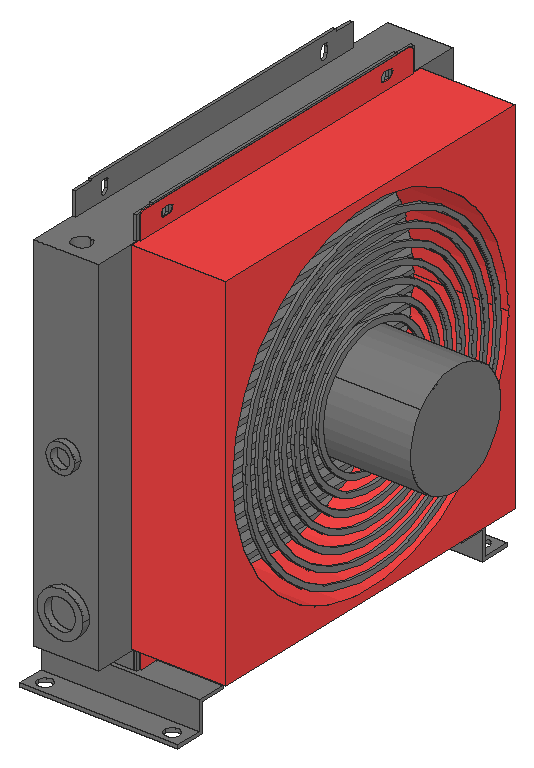
Revit family "MIT-A16Y-02", category Specialty Equipment, Revit 2022
Family settings
  Round Connector Dimension = Use Radius
  Part Type = Normal
  Work Plane-Based = No
  Always vertical = Yes
  Cut with Voids When Loaded = No
  Maintain Annotation Orientation = No
  Shared = No
  Room Calculation Point = No
Parameters
  URL = "https://en.ekinendustriyel.com/fan-driven-oil-coolers"
  Model = "MIT-A16Y-02"
  Manufacturer = "Ekin Endüstriyel"
  Keynote = "Fan Driven Oil Coolers"
  Description = "MIT- Fan Driven Oil Coolers"
  Default Elevation = 0 mm
Reference planes
  plane 1 "Center (Front/Back)": y = 0
  plane 2: z = 0
  plane 3 "Center (Left/Right)": x = 0
Forms (mm)
  Extrusion 1, solid, material "Ekin Endustriyel-S235JR", detail levels medium+fine
    sketch origin (0, -0.99, 0) x (0, 1, 0) y (0, 0, 1)
      loop
        line (218.508, 409.646) -> (-216.492, 409.646) -> (-216.492, 52.19) -> (218.508, 52.19) -> (218.508, 409.646)
      loop
        line (-176.51, 391.746) -> (-176.51, 382.346) -> (178.49, 382.346) -> (178.49, 391.746) -> (-176.51, 391.746)
      loop
        line (-176.51, 381.846) -> (-176.51, 372.446) -> (178.49, 372.446) -> (178.49, 381.846) -> (-176.51, 381.846)
      loop
        line (-176.51, 368.246) -> (-176.51, 358.846) -> (178.49, 358.846) -> (178.49, 368.246) -> (-176.51, 368.246)
      loop
        line (-176.51, 354.646) -> (-176.51, 345.246) -> (178.49, 345.246) -> (178.49, 354.646) -> (-176.51, 354.646)
      loop
        line (-176.51, 341.046) -> (-176.51, 331.646) -> (178.49, 331.646) -> (178.49, 341.046) -> (-176.51, 341.046)
      loop
        line (-176.51, 327.446) -> (-176.51, 318.046) -> (178.49, 318.046) -> (178.49, 327.446) -> (-176.51, 327.446)
      loop
        line (-176.51, 313.846) -> (-176.51, 304.446) -> (178.49, 304.446) -> (178.49, 313.846) -> (-176.51, 313.846)
      loop
        line (-176.51, 300.246) -> (-176.51, 290.846) -> (178.49, 290.846) -> (178.49, 300.246) -> (-176.51, 300.246)
      loop
        line (-176.51, 286.646) -> (-176.51, 277.246) -> (178.49, 277.246) -> (178.49, 286.646) -> (-176.51, 286.646)
      loop
        line (-176.51, 273.046) -> (-176.51, 263.646) -> (178.49, 263.646) -> (178.49, 273.046) -> (-176.51, 273.046)
      loop
        line (-176.51, 259.446) -> (-176.51, 250.046) -> (178.49, 250.046) -> (178.49, 259.446) -> (-176.51, 259.446)
      loop
        line (-176.51, 245.846) -> (-176.51, 236.446) -> (178.49, 236.446) -> (178.49, 245.846) -> (-176.51, 245.846)
      loop
        line (-176.51, 232.246) -> (-176.51, 222.846) -> (178.49, 222.846) -> (178.49, 232.246) -> (-176.51, 232.246)
      loop
        line (-176.51, 218.646) -> (-176.51, 209.246) -> (178.49, 209.246) -> (178.49, 218.646) -> (-176.51, 218.646)
      loop
        line (-176.51, 205.046) -> (-176.51, 195.646) -> (178.49, 195.646) -> (178.49, 205.046) -> (-176.51, 205.046)
      loop
        line (-176.51, 191.446) -> (-176.51, 182.046) -> (178.49, 182.046) -> (178.49, 191.446) -> (-176.51, 191.446)
      loop
        line (-176.51, 177.846) -> (-176.51, 168.446) -> (178.49, 168.446) -> (178.49, 177.846) -> (-176.51, 177.846)
      loop
        line (-176.51, 164.246) -> (-176.51, 154.846) -> (178.49, 154.846) -> (178.49, 164.246) -> (-176.51, 164.246)
      loop
        line (-176.51, 150.646) -> (-176.51, 141.246) -> (178.49, 141.246) -> (178.49, 150.646) -> (-176.51, 150.646)
      loop
        line (-176.51, 137.046) -> (-176.51, 127.646) -> (178.49, 127.646) -> (178.49, 137.046) -> (-176.51, 137.046)
      loop
        line (-176.51, 123.446) -> (-176.51, 114.046) -> (178.49, 114.046) -> (178.49, 123.446) -> (-176.51, 123.446)
      loop
        line (-176.51, 109.846) -> (-176.51, 100.446) -> (178.49, 100.446) -> (178.49, 109.846) -> (-176.51, 109.846)
      loop
        line (-176.51, 96.246) -> (-176.51, 86.846) -> (178.49, 86.846) -> (178.49, 96.246) -> (-176.51, 96.246)
      loop
        line (-176.51, 82.646) -> (-176.51, 73.246) -> (178.49, 73.246) -> (178.49, 82.646) -> (-176.51, 82.646)
      loop
        line (-176.51, 69.046) -> (-176.51, 59.646) -> (178.49, 59.646) -> (178.49, 69.046) -> (-176.51, 69.046)
    from 0 to 63.204
  Extrusion 2, solid, material "Ekin Endustriyel-S235JR", detail levels medium+fine
    sketch origin (0, 102.518, 126.539) x (1, 0, 0) y (0, 0, 1)
      loop
        circle (31.5, 243.108) r 15.425
      loop
        arc (10.562, 251.344) -> (22.387, 222.536) -> (51.669, 233.135) r 22.5
        arc (51.669, 233.135) -> (40.613, 263.68) -> (10.562, 251.344) r 22.5
    from -115 to -121.982
  Extrusion 3, solid, material "Ekin Endustriyel-S235JR", detail levels medium+fine
    sketch origin (0, -32.057, 1.562) x (1, 0, 0) y (0, 0, 1)
      loop
        circle (31.5, 92.335) r 15.375
      loop
        circle (31.5, 92.335) r 22.5
    from 185.425 to 192.451
  Extrusion 4, solid, material "Ekin Endustriyel_S235JR", detail levels medium+fine
    sketch origin (0, 0, 0) x (0, 1, 0) y (0, 0, 1)
      loop
        line (-177.5, 54.196) -> (177.5, 54.196) -> (177.5, 409.646) -> (-177.5, 409.646) -> (-177.5, 54.196)
      loop
        circle (0, 231.437) r 170
    from 63.204 to 156.5
  Extrusion 5, solid, material "Ekin Endustriyel_S235JR", detail levels medium+fine
    sketch origin (61.704, 0, 61.923) x (0, 1, 0) y (0, 0, 1)
      loop
        line (-167.502, 347.724) -> (167.498, 347.724) -> (167.498, 367.274)
        arc (167.498, 367.274) -> (166.033, 370.809) -> (162.498, 372.274) r 5
        line (162.498, 372.274) -> (-162.502, 372.274)
        arc (-162.502, 372.274) -> (-166.038, 370.809) -> (-167.502, 367.274) r 5
        line (-167.502, 367.274) -> (-167.502, 347.724)
      loop
        arc (-138, 364.274) -> (-142.5, 359.774) -> (-138, 355.274) r 4.5
        line (-138, 355.274) -> (-132, 355.274)
        arc (-132, 355.274) -> (-127.5, 359.774) -> (-132, 364.274) r 4.5
        line (-132, 364.274) -> (-138, 364.274)
      loop
        arc (132, 364.274) -> (127.5, 359.774) -> (132, 355.274) r 4.5
        line (132, 355.274) -> (138, 355.274)
        arc (138, 355.274) -> (142.5, 359.774) -> (138, 364.274) r 4.5
        line (138, 364.274) -> (132, 364.274)
    from 1.5 to 2.796
  Sweep 6, solid, material "Ekin Endustriyel-S235JR", detail levels fine
    path origin (0, 100.038, 0) x (0, -1, 0) y (0, 0, -1)
      loop
        line (-46.699, -27.914) -> (-72.243, -27.914) -> (-72.243, -0.156) -> (-102.222, -0.156)
    profile origin (0, 159.509, 27.914) x (0, 0, 1) y (1, 0, 0)
      loop
        line (0, -26.08) -> (2.995, -26.08) -> (2.995, 128.954) -> (0, 128.954) -> (0, -26.08)
  Extrusion 7, void
    sketch origin (0, 100.038, 0) x (1, 0, 0) y (0, 1, 0)
      loop
        circle (114.023, 89.973) r 7.5
      loop
        circle (-10.967, 89.973) r 7.5
      loop
        circle (51.5, 60.016) r 4.2
      loop
        circle (11.5, 60.016) r 4.2
    from -5.013 to 37.897
  Extrusion 8, solid, material "Ekin Endustriyel-S235JR", detail levels fine
    sketch origin (0, 139.233, 0) x (1, 0, 0) y (0, 0, 1)
      loop
        line (3, 29.185) -> (60, 29.185) -> (60, 52.19) -> (3, 52.19) -> (3, 29.185)
    from -10.767 to -30.767
  Extrusion 9, solid, material "Ekin Endustriyel-S235JR", detail levels coarse
    sketch origin (0, 0, 0) x (0, 1, 0) y (0, 0, 1)
      loop
        line (217.518, 409.646) -> (-217.482, 409.646) -> (-217.482, 52.19) -> (-170, 52.19) -> (-170, 0) -> (170, 0) -> (170, 52.19) -> (217.518, 52.19) -> (217.518, 409.646)
    from 0 to 63.204
  Extrusion 10, solid, material "Ekin Endustriyel_S235JR", detail levels coarse
    sketch origin (0, 0, 0) x (0, 1, 0) y (0, 0, 1)
      loop
        line (-177.5, 409.646) -> (-177.5, 54.196) -> (177.5, 54.196) -> (177.5, 409.646) -> (-177.5, 409.646)
    from 63.204 to 156.5
  Extrusion 11, void
    sketch origin (0, -337.404, 283.289) x (1, 0, 0) y (0, 1, 0)
      loop
        circle (31.5, 139.375) r 9.3
    from 77.35 to 131.357
  Extrusion 12, solid, material "Ekin Endustriyel-S235JR"
    sketch origin (0, 0, 0) x (0, 1, 0) y (0, 0, 1)
      loop
        circle (0.5, 231.696) r 55
    from 140.096 to 240
  Extrusion 13, solid, material "Ekin Endustriyel-S235JR", detail levels fine
    sketch origin (0, 0, 59.372) x (0, 1, 0) y (0, 0, 1)
      loop
        line (170, 350.274) -> (170, 373.274) -> (150, 373.274) -> (150, 375.274) -> (-150, 375.274) -> (-150, 373.274) -> (-170, 373.274) -> (-170, 350.274) -> (170, 350.274)
      loop
        line (139.5, 358.774) -> (139.5, 364.774)
        arc (139.5, 364.774) -> (135, 369.274) -> (130.5, 364.774) r 4.5
        line (130.5, 364.774) -> (130.5, 358.774)
        arc (130.5, 358.774) -> (135, 354.274) -> (139.5, 358.774) r 4.5
      loop
        line (-130.5, 358.774) -> (-130.5, 364.774)
        arc (-130.5, 364.774) -> (-135, 369.274) -> (-139.5, 364.774) r 4.5
        line (-139.5, 364.774) -> (-139.5, 358.774)
        arc (-139.5, 358.774) -> (-135, 354.274) -> (-130.5, 358.774) r 4.5
    from 0 to 3
  Extrusion 14, solid, material "Ekin Endustriyel-S235JR", detail levels fine
    sketch origin (0, 0, 333.802) x (0, 1, 0) y (0, 0, 1)
      loop
        line (170, -281.612) -> (-170, -281.612) -> (-170, -302.893) -> (-146.694, -302.893) -> (-146.694, -305.056) -> (146.737, -305.056) -> (146.737, -302.893) -> (170, -302.893) -> (170, -281.612)
      loop
        arc (139.5, -288.556) -> (135, -284.056) -> (130.5, -288.556) r 4.5
        line (130.5, -288.556) -> (130.5, -294.556)
        arc (130.5, -294.556) -> (135, -299.056) -> (139.5, -294.556) r 4.5
        line (139.5, -294.556) -> (139.5, -288.556)
      loop
        arc (-130.5, -288.556) -> (-135, -284.056) -> (-139.5, -288.556) r 4.5
        line (-139.5, -288.556) -> (-139.5, -294.556)
        arc (-139.5, -294.556) -> (-135, -299.056) -> (-130.5, -294.556) r 4.5
        line (-130.5, -294.556) -> (-130.5, -288.556)
    from 0 to 3
  Extrusion 15, solid, material "Ekin Endustriyel-S235JR", detail levels medium+fine
    sketch origin (-21.526, 0, 0) x (0, 1, 0) y (0, 0, 1)
      loop
        circle (0, 231.465) r 157
      loop
        circle (0, 231.465) r 152
      loop
        circle (0, 231.465) r 142
      loop
        circle (0, 231.465) r 137
      loop
        circle (0, 231.465) r 127
      loop
        circle (0, 231.465) r 122
      loop
        circle (0, 231.465) r 112
      loop
        circle (0, 231.465) r 107
      loop
        circle (0, 231.465) r 97
      loop
        circle (0, 231.465) r 92
      loop
        circle (0, 231.465) r 82
      loop
        circle (0, 231.465) r 77
      loop
        circle (0, 231.465) r 67
      loop
        circle (0, 231.465) r 62
    from 178.04 to 181.006
  Extrusion 16, solid, material "Ekin Endustriyel-S235JR", detail levels coarse
    sketch origin (0, 0, 0) x (0, 1, 0) y (0, 0, 1)
      loop
        circle (0, 231.437) r 170
    from 156.572 to 159.48
  Sweep 17, solid, material "Ekin Endustriyel-S235JR", detail levels fine
    path origin (0, -99.995, 0) x (0, 1, 0) y (0, 0, 1)
      loop
        line (-46.699, 27.914) -> (-72.243, 27.914) -> (-72.243, 0.156) -> (-102.222, 0.156)
    profile origin (0, -159.466, 27.914) x (0, 0, -1) y (1, 0, 0)
      loop
        line (0, -26.08) -> (0, 128.954) -> (-2.995, 128.954) -> (-2.995, -26.08) -> (0, -26.08)
  Extrusion 18, void
    sketch origin (0, -99.995, 0) x (1, 0, 0) y (0, 1, 0)
      loop
        circle (114.023, -89.973) r 7.5
      loop
        circle (-10.967, -89.973) r 7.5
      loop
        circle (51.5, -60.016) r 4.2
      loop
        circle (11.5, -60.016) r 4.2
    from -5.013 to 37.897
  Extrusion 19, solid, material "Ekin Endustriyel-S235JR", detail levels fine
    sketch origin (60, 0, 59.372) x (0, 1, 0) y (0, 0, 1)
      loop
        line (170, 350.274) -> (170, 373.274) -> (150, 373.274) -> (150, 375.274) -> (-150, 375.274) -> (-150, 373.274) -> (-170, 373.274) -> (-170, 350.274) -> (170, 350.274)
      loop
        line (139.5, 358.774) -> (139.5, 364.774)
        arc (139.5, 364.774) -> (135, 369.274) -> (130.5, 364.774) r 4.5
        line (130.5, 364.774) -> (130.5, 358.774)
        arc (130.5, 358.774) -> (135, 354.274) -> (139.5, 358.774) r 4.5
      loop
        line (-130.5, 358.774) -> (-130.5, 364.774)
        arc (-130.5, 364.774) -> (-135, 369.274) -> (-139.5, 364.774) r 4.5
        line (-139.5, 364.774) -> (-139.5, 358.774)
        arc (-139.5, 358.774) -> (-135, 354.274) -> (-130.5, 358.774) r 4.5
    from 0 to 3
  Extrusion 20, solid, material "Ekin Endustriyel-S235JR", detail levels fine
    sketch origin (60, 0, 333.802) x (0, 1, 0) y (0, 0, 1)
      loop
        line (170, -281.612) -> (-170, -281.612) -> (-170, -302.893) -> (-146.694, -302.893) -> (-146.694, -305.056) -> (146.737, -305.056) -> (146.737, -302.893) -> (170, -302.893) -> (170, -281.612)
      loop
        arc (139.5, -288.556) -> (135, -284.056) -> (130.5, -288.556) r 4.5
        line (130.5, -288.556) -> (130.5, -294.556)
        arc (130.5, -294.556) -> (135, -299.056) -> (139.5, -294.556) r 4.5
        line (139.5, -294.556) -> (139.5, -288.556)
      loop
        arc (-130.5, -288.556) -> (-135, -284.056) -> (-139.5, -288.556) r 4.5
        line (-139.5, -288.556) -> (-139.5, -294.556)
        arc (-139.5, -294.556) -> (-135, -299.056) -> (-130.5, -294.556) r 4.5
        line (-130.5, -294.556) -> (-130.5, -288.556)
    from 0 to 3
  Extrusion 21, solid, material "Ekin Endustriyel-S235JR", detail levels fine
    sketch origin (0, -133.751, 0) x (1, 0, 0) y (0, 0, 1)
      loop
        line (3, 29.185) -> (60, 29.185) -> (60, 52.19) -> (3, 52.19) -> (3, 29.185)
    from 36.249 to 16.249
  Extrusion 22, solid, material "Ekin Endustriyel_S235JR", detail levels medium+fine
    sketch origin (61.704, 0, 334.165) x (0, 1, 0) y (0, 0, 1)
      loop
        line (-167.502, -279.794) -> (-167.502, -299.969)
        arc (-167.502, -299.969) -> (-167.184, -301.724) -> (-166.27, -303.256) r 5
        line (-166.27, -303.256) -> (-146.694, -303.256) -> (-146.694, -304.969) -> (146.737, -304.969) -> (146.737, -303.256) -> (163.095, -303.256)
        arc (163.095, -303.256) -> (166.329, -299.661) -> (167.498, -294.969) r 10
        line (167.498, -294.969) -> (167.498, -279.794) -> (-167.502, -279.794)
      loop
        line (-138, -296.969) -> (-132, -296.969)
        arc (-132, -296.969) -> (-127.5, -292.469) -> (-132, -287.969) r 4.5
        line (-132, -287.969) -> (-138, -287.969)
        arc (-138, -287.969) -> (-142.5, -292.469) -> (-138, -296.969) r 4.5
      loop
        line (132, -296.969) -> (138, -296.969)
        arc (138, -296.969) -> (142.5, -292.469) -> (138, -287.969) r 4.5
        line (138, -287.969) -> (132, -287.969)
        arc (132, -287.969) -> (127.5, -292.469) -> (132, -296.969) r 4.5
    from 1.5 to 2.796
  Extrusion 23, solid, material "Ekin Endustriyel-S235JR", detail levels medium+fine
    sketch origin (0, -32.049, 138.612) x (1, 0, 0) y (0, 0, 1)
      loop
        circle (31.5, 92.335) r 9.5
      loop
        circle (31.5, 92.335) r 14.035
    from 185.433 to 192.451
Cuts and joins
  Extrusion 7, Extrusion 18 cuts Sweep 6
  Extrusion 7, Extrusion 11 cuts Extrusion 1
  Extrusion 7 cuts Extrusion 2
  Extrusion 7 cuts Extrusion 3
  Extrusion 18 cuts Sweep 17
Dimensions and locks
  aligned and locked: level to plane 2
Connectors
  piping at (31.5, 224.5, 369.646), diameter 25.4
    settings: on cut or joined group of Extrusion 2, Extrusion 7, index 5, connector inside diameter 609.6 mm, connector length 0 mm, flow factor 0, pipe flow 0.0 L/s, pressure drop 0.0 Pa, fitting loss kfactor 0, connector angle 0.00°, fixture units 0, engagement length 0 mm, angle of deflection 0.00°, flow configuration 0, flow direction 0, fitting loss method 0, system type 7, joint type 0, gender type 0, connector reference index -1, connector utility 0, adjustable connector no, is connector primary yes, connector description ""
  piping at (31.5, -224.508, 93.897), diameter 25.4
    settings: on cut or joined group of Extrusion 3, Extrusion 7, index 6, connector inside diameter 609.6 mm, connector length 0 mm, flow factor 0, pipe flow 0.0 L/s, pressure drop 0.0 Pa, fitting loss kfactor 0, connector angle 0.00°, fixture units 0, engagement length 0 mm, angle of deflection 0.00°, flow configuration 0, flow direction 0, fitting loss method 0, system type 7, joint type 0, gender type 0, connector reference index -1, connector utility 0, adjustable connector no, is connector primary no, connector description ""
  piping at (31.5, -224.5, 230.947), diameter 12.8
    settings: on Extrusion 23, index 7, connector inside diameter 609.6 mm, connector length 0 mm, flow factor 0, pipe flow 0.0 L/s, pressure drop 0.0 Pa, fitting loss kfactor 0, connector angle 0.00°, fixture units 0, engagement length 0 mm, angle of deflection 0.00°, flow configuration 0, flow direction 0, fitting loss method 0, system type 7, joint type 0, gender type 0, connector reference index -1, connector utility 0, adjustable connector no, is connector primary no, connector description ""
  piping at (31.5, -198.029, 409.646), diameter 18
    settings: on cut or joined group of Extrusion 1, Extrusion 7, Extrusion 11, index 8, connector inside diameter 609.6 mm, connector length 0 mm, flow factor 0, pipe flow 0.0 L/s, pressure drop 0.0 Pa, fitting loss kfactor 0, connector angle 0.00°, fixture units 0, engagement length 0 mm, angle of deflection 0.00°, flow configuration 0, flow direction 0, fitting loss method 0, system type 7, joint type 0, gender type 0, connector reference index -1, connector utility 0, adjustable connector no, is connector primary no, connector description ""
